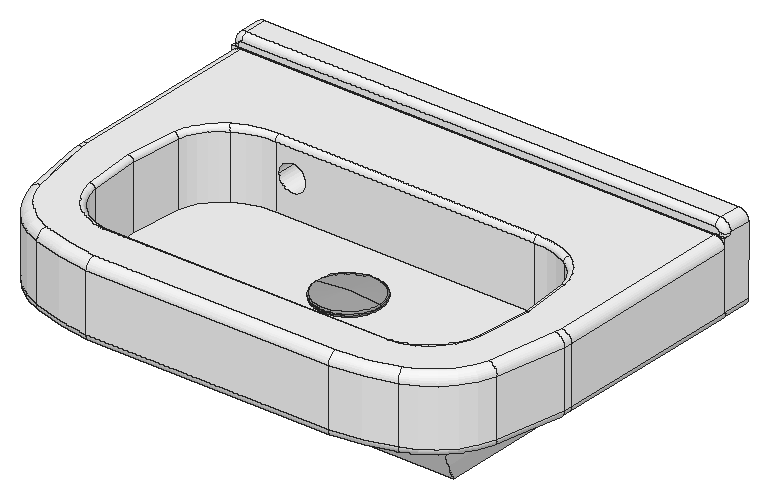
Revit family "NLRS_74_PF_UN_wastafel_S8400205000_SPHINX_BCB", category Plumbing Fixtures, Revit 2016
Family settings
  Part Type = Normal
  Round Connector Dimension = Use Radius
  OmniClass Number = 23.45.00.00
  OmniClass Title = Sanitary, Laundry, and Cleaning Equipment
  Work Plane-Based = No
  Always vertical = Yes
  Cut with Voids When Loaded = No
  Shared = No
  Room Calculation Point = No
Parameters (values of type "fontein 40 cm zonder kraangat")
  NLRS_C_type = "Wastafel zonder kraangat en met overloop"
  NLRS_C_serie = "300 Basic"
  NLRS_C_revit_versie = "2016"
  NLRS_C_content_versie = "2.0"
  NLRS_C_content_provider = "BouwConnect"
  NLRS_C_content_datum_uitgifte = "APR-2018"
  NLRS_C_content_datum_gewijzigd = "APR-2018"
  NLRS_C_content_creator = "BouwConnect"
  NLRS_C_URL_product_data = "http://www.sphinx.nl/producten/wastafels-%7C-fonteinen/fonteinen/sphinx-300-basic-%7C-fontein-40-cm/27328/"
  Waste Connection = yes
  WFU = 0
  URL = "http://www.sphinx.nl/"
  Type Comments = ""
  NLRS_S_gewicht = 6.00 kg
  NLRS_C_materiaal = none
  NLRS_C_lengte = 295 mm
  NLRS_C_hoogte = 150 mm
  NLRS_C_diameter_uit = 45 mm
  NLRS_C_diameter_in = 35 mm
  NLRS_C_breedte = 400 mm
  Model = "300 fontein 40 cm zonder kraangat"  # constant formula
  Manufacturer = "Sphinx"  # constant formula
  Keynote = ""
  IfcTypeProduct = "IfcSanitaryTerminalType"
  IfcExportType = "SINK"
  IfcExportAs = "IfcSanitaryTerminalTypeEnum"
  IfcElement = "IfcFlowTerminal"
  NLRS_C_code_EAN = "8711754217683"
  Description = "wastafel"
  CWFU = 0
  NLRS_C_URL_BCB = "http://bcb-online.nl/?zoekterm=Sphinx+++%5bGeberit+B.V.%5d"
  Assembly Code = "47.11"
Reference planes
  plane 1 "Center (Front/Back)": y = 0
  plane 2: z = 0
  plane 3 "Center (Left/Right)": x = 0
Forms (mm)
  Extrusion 1, solid, material "74_porcelein_wit", detail levels coarse
    sketch origin (0, 0, 0) x (1, 0, 0) y (0, 1, 0)
      loop
        line (0, 0) -> (-199.781, 0) -> (-197.695, -181.43)
        arc (-197.695, -181.43) -> (-195.366, -211.76) -> (-189.117, -241.531) r 233.674
        arc (-189.117, -241.531) -> (-173.329, -269.623) -> (-146.354, -287.25) r 67.787
        arc (-146.354, -287.25) -> (-122.537, -293.928) -> (-98.053, -297.44) r 189.099
        arc (-98.053, -297.44) -> (0, -301.218) -> (98.053, -297.44) r 1274.287
        arc (98.053, -297.44) -> (122.537, -293.928) -> (146.354, -287.25) r 189.099
        arc (146.354, -287.25) -> (173.329, -269.623) -> (189.117, -241.531) r 67.787
        arc (189.117, -241.531) -> (195.366, -211.76) -> (197.695, -181.43) r 233.674
        line (197.695, -181.43) -> (199.781, 0) -> (0, 0)
    from -100 to 0
  Extrusion 2, void, detail levels medium+fine
    sketch origin (0, 0, 0) x (0, 1, 0) y (0, 0, 1)
      loop
        line (-276.978, -60) -> (-276.978, -115) -> (-231.978, -115) -> (-231.978, -101.427)
        arc (-231.978, -101.427) -> (-249.932, -82.009) -> (-264.595, -60) r 166.947
        line (-264.595, -60) -> (-276.978, -60)
    from -250 to 250
  Sweep 3, solid, material "74_porcelein_wit", detail levels medium+fine
    path origin (2000, 0, 0) x (1, 0, 0) y (0, 1, 0)
      loop
        line (-2181.482, -22.832) -> (-2181.482, -178.856)
        arc (-2181.482, -178.856) -> (-2181.427, -181.443) -> (-2181.264, -184.025) r 61.389
        arc (-2181.264, -184.025) -> (-2177.758, -210.582) -> (-2171.779, -236.695) r 285.463
        arc (-2171.779, -236.695) -> (-2160.184, -257.327) -> (-2140.371, -270.273) r 49.787
        arc (-2140.371, -270.273) -> (-2118.822, -276.315) -> (-2096.668, -279.493) r 171.099
        arc (-2096.668, -279.493) -> (-2000, -283.218) -> (-1903.332, -279.493) r 1256.287
        arc (-1903.332, -279.493) -> (-1881.178, -276.315) -> (-1859.629, -270.273) r 171.099
        arc (-1859.629, -270.273) -> (-1839.816, -257.327) -> (-1828.221, -236.695) r 49.787
        arc (-1828.221, -236.695) -> (-1822.242, -210.582) -> (-1818.736, -184.025) r 285.463
        arc (-1818.736, -184.025) -> (-1818.573, -181.443) -> (-1818.518, -178.856) r 61.389
        line (-1818.518, -178.856) -> (-1818.518, -22.832)
    profile origin (0, -283.218, 0) x (0, 1, 0) y (0, 0, 1)
      loop
        line (-18, -8) -> (-18, -54)
        arc (-18, -54) -> (-16.243, -58.243) -> (-12, -60) r 6
        line (-12, -60) -> (12, -60) -> (12, 0) -> (-10, 0)
        arc (-10, 0) -> (-15.657, -2.343) -> (-18, -8) r 8
  Sweep 4, void, detail levels medium+fine
    path origin (1000.009, 2.329, 0) x (1, 0, 0) y (0, 1, 0)
      loop
        arc (-1154.349, -136.641) -> (-1157.087, -156.881) -> (-1157.981, -177.286) r 225.34
        arc (-1157.981, -177.286) -> (-1157.072, -198.848) -> (-1154.416, -220.266) r 265.74
        arc (-1154.416, -220.266) -> (-1140.831, -245.716) -> (-1114.583, -257.687) r 45
        arc (-1114.583, -257.687) -> (-999.997, -263.512) -> (-885.411, -257.687) r 1129.92
        arc (-885.411, -257.687) -> (-859.163, -245.716) -> (-845.578, -220.266) r 45
        arc (-845.578, -220.266) -> (-842.922, -198.848) -> (-842.013, -177.286) r 265.74
        arc (-842.013, -177.286) -> (-842.907, -156.881) -> (-845.645, -136.641) r 225.34
        arc (-845.645, -136.641) -> (-852.308, -120.503) -> (-865.013, -108.528) r 41.543
        arc (-865.013, -108.528) -> (-879.713, -102.172) -> (-895.581, -100) r 59.048
        line (-895.581, -100) -> (-1104.413, -100)
        arc (-1104.413, -100) -> (-1120.281, -102.172) -> (-1134.981, -108.528) r 59.048
        arc (-1134.981, -108.528) -> (-1147.686, -120.503) -> (-1154.349, -136.641) r 41.543
    profile origin (0.012, -97.671, 0) x (0, -1, 0) y (0, 0, 1)
      loop
        arc (-4, 0) -> (-1.172, -1.172) -> (0, -4) r 4
        line (0, -4) -> (16, -4) -> (16, 5) -> (-4, 5) -> (-4, 0)
  Extrusion 5, solid, material "74_porcelein_wit", detail levels medium+fine
    sketch origin (0, 0, 0) x (1, 0, 0) y (0, 0, 1)
      loop
        arc (-165.507, -60) -> (-157.872, -80.558) -> (-147.725, -100) r 175.028
        line (-147.725, -100) -> (147.725, -100)
        arc (147.725, -100) -> (157.872, -80.558) -> (165.507, -60) r 175.028
        line (165.507, -60) -> (-165.507, -60)
    from 0 to 273.986
  Extrusion 6, void, detail levels medium+fine
    sketch origin (500, 0, 0) x (1, 0, 0) y (0, 1, 0)
      loop
        arc (-634.973, -106.199) -> (-647.677, -118.174) -> (-654.34, -134.312) r 41.543
        arc (-654.34, -134.312) -> (-657.078, -154.552) -> (-657.973, -174.957) r 225.34
        arc (-657.973, -174.957) -> (-657.063, -196.519) -> (-654.407, -217.937) r 265.74
        arc (-654.407, -217.937) -> (-640.823, -243.387) -> (-614.575, -255.358) r 45
        arc (-614.575, -255.358) -> (-499.988, -261.183) -> (-385.402, -255.358) r 1129.92
        arc (-385.402, -255.358) -> (-359.154, -243.387) -> (-345.569, -217.937) r 45
        arc (-345.569, -217.937) -> (-342.913, -196.519) -> (-342.004, -174.957) r 265.74
        arc (-342.004, -174.957) -> (-342.898, -154.552) -> (-345.637, -134.312) r 225.34
        arc (-345.637, -134.312) -> (-352.299, -118.174) -> (-365.004, -106.199) r 41.543
        arc (-365.004, -106.199) -> (-379.704, -99.843) -> (-395.572, -97.671) r 59.048
        line (-395.572, -97.671) -> (-604.404, -97.671)
        arc (-604.404, -97.671) -> (-620.272, -99.843) -> (-634.973, -106.199) r 59.048
    from -55 to 20
  Extrusion 7, void, detail levels coarse
    sketch origin (1000, 0, 0) x (1, 0, 0) y (0, 1, 0)
      loop
        arc (-1154.349, -136.641) -> (-1157.087, -156.881) -> (-1157.981, -177.286) r 225.34
        arc (-1157.981, -177.286) -> (-1157.072, -198.848) -> (-1154.416, -220.266) r 265.74
        arc (-1154.416, -220.266) -> (-1140.831, -245.716) -> (-1114.583, -257.687) r 45
        arc (-1114.583, -257.687) -> (-999.997, -263.512) -> (-885.411, -257.687) r 1129.92
        arc (-885.411, -257.687) -> (-859.163, -245.716) -> (-845.578, -220.266) r 45
        arc (-845.578, -220.266) -> (-842.922, -198.848) -> (-842.013, -177.286) r 265.74
        arc (-842.013, -177.286) -> (-842.907, -156.881) -> (-845.645, -136.641) r 225.34
        arc (-845.645, -136.641) -> (-852.308, -120.503) -> (-865.013, -108.528) r 41.543
        arc (-865.013, -108.528) -> (-879.713, -102.172) -> (-895.581, -100) r 59.048
        line (-895.581, -100) -> (-1104.413, -100)
        arc (-1104.413, -100) -> (-1120.281, -102.172) -> (-1134.981, -108.528) r 59.048
        arc (-1134.981, -108.528) -> (-1147.686, -120.503) -> (-1154.349, -136.641) r 41.543
    from -90.091 to 20
  Sweep 8, solid, material "74_porcelein_wit", detail levels medium+fine
    path origin (-697.312, 0, 0) x (1, 0, 0) y (0, 0, 1)
      loop
        line (896.794, -8) -> (896.794, 2)
        arc (896.794, 2) -> (894.45, 7.657) -> (888.794, 10) r 8
        line (888.794, 10) -> (505.83, 10)
        arc (505.83, 10) -> (500.173, 7.657) -> (497.83, 2) r 8
        line (497.83, 2) -> (497.83, -8)
    profile origin (0, 0, 10) x (0, 0, -1) y (0, -1, 0)
      loop
        line (0, 0) -> (5, 0) -> (5, 22.832)
        arc (5, 22.832) -> (1.464, 21.367) -> (0, 17.832) r 5
        line (0, 17.832) -> (0, 0)
  Extrusion 9, solid, material "74_porcelein_wit", detail levels medium+fine
    sketch origin (0, 0, 0) x (1, 0, 0) y (0, 1, 0)
      loop
        arc (-181.482, -178.856) -> (-181.427, -181.443) -> (-181.264, -184.025) r 61.389
        arc (-181.264, -184.025) -> (-177.758, -210.582) -> (-171.779, -236.695) r 285.463
        arc (-171.779, -236.695) -> (-160.184, -257.327) -> (-140.371, -270.273) r 49.787
        arc (-140.371, -270.273) -> (-118.822, -276.315) -> (-96.668, -279.493) r 171.099
        arc (-96.668, -279.493) -> (0, -283.218) -> (96.668, -279.493) r 1256.287
        arc (96.668, -279.493) -> (118.822, -276.315) -> (140.371, -270.273) r 171.099
        arc (140.371, -270.273) -> (160.184, -257.327) -> (171.779, -236.695) r 49.787
        arc (171.779, -236.695) -> (177.758, -210.582) -> (181.264, -184.025) r 285.463
        arc (181.264, -184.025) -> (181.427, -181.443) -> (181.482, -178.856) r 61.389
        line (181.482, -178.856) -> (181.482, -22.832) -> (-181.482, -22.832) -> (-181.482, -178.856)
    from -60 to 0
  Extrusion 10, solid, material "74_porcelein_wit", detail levels medium+fine
    sketch origin (0, 0, 100) x (1, 0, 0) y (0, 0, 1)
      loop
        line (199.482, -154) -> (199.482, -100) -> (-199.482, -100) -> (-199.482, -154)
        arc (-199.482, -154) -> (-197.724, -158.243) -> (-193.482, -160) r 6
        line (-193.482, -160) -> (193.482, -160)
        arc (193.482, -160) -> (197.724, -158.243) -> (199.482, -154) r 6
    from 0 to 23.856
  Extrusion 11, solid, material "74_porcelein_wit", detail levels medium+fine
    sketch origin (0, 0, 0) x (1, 0, 0) y (0, 0, 1)
      loop
        line (-194.482, 0) -> (194.482, 0) -> (194.482, 2)
        arc (194.482, 2) -> (193.603, 4.121) -> (191.482, 5) r 3
        line (191.482, 5) -> (-191.482, 5)
        arc (-191.482, 5) -> (-193.603, 4.121) -> (-194.482, 2) r 3
        line (-194.482, 2) -> (-194.482, 0)
    from 0 to 22.832
  Extrusion 12, void, detail levels medium+fine
    sketch origin (-955.096, -14.568, 0) x (1, 0, 0) y (0, 1, 0)
      loop
        circle (955.096, -140.432) r 23
    from -120 to 100
  Revolve 13, solid, material "74_metaal_generiek", detail levels fine
    sketch origin (-678.561, -155, 0.139) x (1, 0, 0) y (0, 0, 1)
      loop
        line (678.561, -55) -> (678.561, -50)
        arc (678.561, -50) -> (665.951, -50.412) -> (653.417, -51.862) r 153.083
        arc (653.417, -51.862) -> (652.802, -52.206) -> (652.558, -52.868) r 1.018
        line (652.558, -52.868) -> (652.558, -54)
        arc (652.558, -54) -> (652.85, -54.707) -> (653.558, -55) r 1
        line (653.558, -55) -> (678.561, -55)
      axis (678.561, -55) -> (678.561, -50)
    angle from 0 to 360
  Extrusion 14, void, detail levels medium+fine
    sketch origin (0, 0, 0) x (0, 1, 0) y (0, 0, 1)
      loop
        line (0, -100) -> (0, -65) -> (-75, -65) -> (-79, -100) -> (0, -100)
    from -251.26 to 250
  Extrusion 15, void, detail levels medium+fine
    sketch origin (-1.351, 2.3, -88.471) x (1, 0, 0) y (0, 0, 1)
      loop
        circle (-89.497, 62.471) r 11
    from 52.814 to 124.971
  Extrusion 16, solid, not visible, detail levels medium+fine
    sketch origin (0, 0, -100) x (1, 0, 0) y (0, 1, 0)
      loop
        circle (0, -155) r 22.5
    from 0 to 5
Cuts and joins
  Extrusion 2, Extrusion 15 cuts Sweep 3
  Extrusion 2, Sweep 4, Extrusion 6, Extrusion 12, Extrusion 15 cuts Extrusion 9
  joined: Sweep 3, Extrusion 9
  Extrusion 2, Extrusion 12, Extrusion 14 cuts Extrusion 5
  joined: Extrusion 5, Sweep 8, Extrusion 10, Extrusion 11
  Extrusion 7 cuts Extrusion 1
Dimensions and locks
  aligned and locked: level to plane 2
Connectors
  piping at (0, -155, -100), diameter 50, driven by "WFU"
    settings: on Extrusion 16, index 1, connector inside diameter 50 mm, connector length 0 mm, flow factor 0, pipe flow 0.0 L/s, pressure drop 0.0 Pa, fitting loss kfactor 0, connector angle 0.00°, fixture units 0, engagement length 0 mm, angle of deflection 0.00°, flow configuration 3, flow direction 2, fitting loss method 0, system type 16, joint type 0, gender type 0, connector reference index -1, connector utility 0, adjustable connector no, is connector primary yes, connector description "out"
